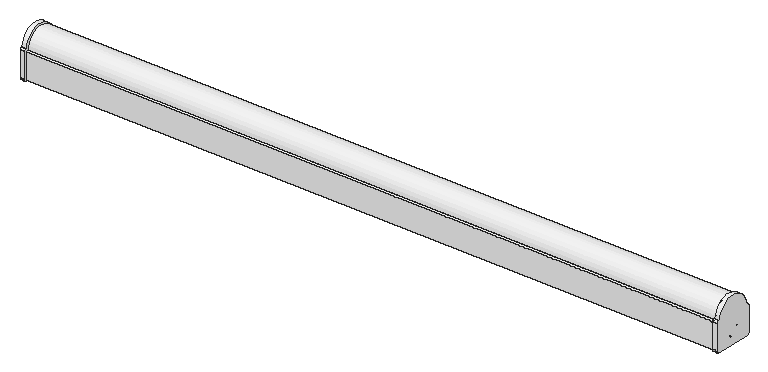
Revit family "0045184 Feilo Sylvania Lighting Fixture SYLBATTEN LED3 6000K TP3", category Lighting Fixtures, host Face, Revit 2017
Family settings
  Host = Face
  Round Connector Dimension = Use Diameter
  Part Type = Normal
  OmniClass Number = 23.80.70.00
  OmniClass Title = Lighting
  Cut with Voids When Loaded = No
  Light Source = Yes
  Shared = No
  Room Calculation Point = No
Parameters (values of type "0045184 SYLBATTEN LED3 6000K TP3")
  Width_FEILO = 66 mm
  Weight = "2.55 kg"
  Wattage Comments = "n/a"
  Wattage = 26 W
  WarrantyStartDate [instance] = "n/a"
  WarrantyGuarantorParts = "n/a"
  WarrantyDurationUnit = "n/a"
  WarrantyDurationParts = "n/a"
  WarrantyDescription = "n/a"
  built-in parameter 1150110 = 1 (stored number, unit not read)
  Voltage = 230 V
  URL = "http://www.sylvania-lighting.com"
  TypeName = "SYLBATTEN LED3 6000K TP3"
  Type Image = <None>
  Type Comments = "n/a"
  built-in parameter 1114217 = 1 (stored number, unit not read)
  Tilt Angle = -90.00°
  built-in parameter 1150109 = 1 (stored number, unit not read)
  built-in parameter 1150134 = 5
  SymReflector_FEILO = no
  built-in parameter 1150113 = 1 (stored number, unit not read)
  SerialNumber [instance] = "n/a"
  PowerFactor = 0
  PowerConsumption = "26 W"
  Photometric Web File = "0045184.ies"
  NominalLength = 1205 mm
  NominalHeight = 76 mm
  NominalDepth = 66 mm
  Name = "SYLBATTEN LED3 6000K TP3"
  ModelReference = Name  # "SYLBATTEN LED3 6000K TP3"
  ModelNumber = "0045184"
  Model = Name  # "SYLBATTEN LED3 6000K TP3"
  Material_4_FEILO = Reflector-Sylvania-Sylbatten-White
  Material_3_FEILO = Diffuser-Sylvania-Sylbatten-Glow
  Material_2_FEILO = Body-Sylvania-Sylbatten-White
  Material_1_FEILO = Body-Sylvania-Sylbatten-White
  Material = "sheet steel housing, polycarbonate diffuser"
  ManufacturerName = "Feilo Sylvania"
  Manufacturer = "Feilo Sylvania"
  LuminousEfficacy = "113 lm/W"
  built-in parameter 1150105 = 233.8 (stored number, unit not read)
  Lumens = 2938 lm
  LuminaireType = ""
  built-in parameter 1150115 = 1 (stored number, unit not read)
  LightOutputRatio = "100"
  built-in parameter 1150137 = (empty or 0)
  built-in parameter 1150139 = (empty or 0)
  Length_FEILO = 1205 mm
  LampsType = Lamp  # "LED"
  LampNominalLuminous = "2938 lm"
  LampMacAdamStep = "n/a"
  LampColourTemperature = "6000 K"
  LampColourRenderingIndex = "80"
  built-in parameter 1150112 = 1 (stored number, unit not read)
  built-in parameter 1150114 = 1 (stored number, unit not read)
  Lamp = "LED"
  Keynote = "16500"
  InstallationDate [instance] = "n/a"
  InputVoltage = "220-240V~"
  InputNominalFrequency = "n/a"
  built-in parameter 1150132 = (empty or 0)
  built-in parameter 1150102 = (empty or 0)
  built-in parameter 1150107 = 6000 (stored number, unit not read)
  built-in parameter 1150138 = (empty or 0)
  IngressProtection = "IP20"
  ImpactProtectionIndex = "IK07"
  built-in parameter 1150106 = 2.338 (stored number, unit not read)
  IfcExportType = "IfcLightFixtureType"
  IfcExportAs = "IfcLightFixtureType"
  Height_FEILO = 76 mm
  ExpectedLife = 50000
  Emit from Rectangle Width = Length_FEILO - 16 mm  # 1189 mm
  Emit from Rectangle Length = Width_FEILO - 40 mm  # 26 mm
  Emit Shape Visible in Rendering = no
  ElectricShockClassification = "Class I"
  built-in parameter 1150104 = 10.498 (stored number, unit not read)
  DurationUnit = "hours"
  DocumentationLiterature = "http://www.sylvania-lighting.com/product/en-int/products/0045184"
  DimmingControlOptions = "n/a"
  Dimming Lamp Color Temperature Shift = <None>
  Description = "LED batten, T8 replacement, ease of installation through 2 part push-in design of the housing (safety cable included), through wiring capability (TP3 = 3 core), sheet steel, 2938LM, 26W, 113lm/W, 6000K, drive current: 350mA, CRI 80, 138° wide beam angle, electronic driver (non dimmable), IP20, IK07, 50,000 hrs (L70), (LxWxH) 1205x66x76mm, 5 step MacAdam ellipse, 3kg, white RAL 9016, Class 1, 220-240V, energy class: A++, A+, A."
  Default Elevation = 1219.2 mm
  CreatedOn = "1/25/2018"
  CreatedBy = ""
  Cost = 0
  Color Filter = 16777215
  built-in parameter 1114216 [instance] = (empty or 0)
  ClassificationValue = "EF_70_80"
  ClassificationName = "Uniclass2015"
  CapOffset_FEILO = 2 mm
  BarCode [instance] = "n/a"
  built-in parameter 1114218 = 1 (stored number, unit not read)
  BackReflector_FEILO = and(not(AsymReflector_FEILO), SymReflector_FEILO)  # no
  built-in parameter 1150133 = 10 (stored number, unit not read)
  FrontReflector_FEILO = or(AsymReflector_FEILO, SymReflector_FEILO)  # no
  AsymReflector_FEILO = no
  AssetType = "Fixed"
  AssetIdentifier [instance] = "n/a"
  Assembly Code = "D5020200"
  Apparent Load = 26 VA
Reference planes
  plane 1 "Center (Front/Back)": y = 0
  plane 2: z = 0
  plane 3 "Center (Left/Right)": x = 0
  plane 4: x = 602.5
  plane 5: x = -602.5
  plane 6: y = 33
  plane 7: y = -33
  plane 8: z = 76
  plane 9: z = 47
  plane 10: y = -29
  plane 11: y = 29
  plane 12: z = 20
  plane 13: z = 74
  plane 14: y = -31
  plane 15: y = -27
  plane 16: y = 27
  plane 17: y = 31
  plane 18: z = 2
  plane 19: x = -594.5
  plane 20: x = 594.5
  plane 21: z = 49
  plane 22: y = 1
  plane 23: y = -1
  plane 24: z = 21
  plane 25: z = 19
  plane 26: y = -61
  plane 27: y = 61
  plane 28: y = -56
  plane 29: y = 56
  plane 30: z = 91
  plane 31: z = 88
Forms (mm)
  Extrusion 1, solid, material "Body-Sylvania-Sylbatten-White" <- "Material_2_FEILO"
    sketch origin (0, 0, 0) x (0, 1, 0) y (0, 0, 1)
      loop
        line (-31, 2) -> (31, 2) -> (31, 45)
        arc (31, 45) -> (30.414, 46.414) -> (29, 47) r 2
        line (29, 47) -> (27, 47)
        arc (27, 47) -> (0, 74) -> (-27, 47) r 27
        line (-27, 47) -> (-29, 47)
        arc (-29, 47) -> (-30.414, 46.414) -> (-31, 45) r 2
        line (-31, 45) -> (-31, 2)
    from -594.5 to 594.5
  Extrusion 2, solid, material "Body-Sylvania-Sylbatten-White" <- "Material_2_FEILO"
    sketch origin (602.5, 1524, 1219.2) x (0, 1, 0) y (0, 0, 1)
      loop
        arc (-1494, -1219.2) -> (-1491.879, -1218.321) -> (-1491, -1216.2) r 3
        line (-1491, -1216.2) -> (-1491, -1173.2)
        arc (-1491, -1173.2) -> (-1491.879, -1171.079) -> (-1494, -1170.2) r 3
        line (-1494, -1170.2) -> (-1495.069, -1170.2)
        arc (-1495.069, -1170.2) -> (-1524, -1143.2) -> (-1552.931, -1170.2) r 29
        line (-1552.931, -1170.2) -> (-1554, -1170.2)
        arc (-1554, -1170.2) -> (-1556.121, -1171.079) -> (-1557, -1173.2) r 3
        line (-1557, -1173.2) -> (-1557, -1216.2)
        arc (-1557, -1216.2) -> (-1556.121, -1218.321) -> (-1554, -1219.2) r 3
        line (-1554, -1219.2) -> (-1494, -1219.2)
      loop
        arc (-1525, -1189.25) -> (-1531.071, -1192.129) -> (-1533.95, -1198.2) r 10
        line (-1533.95, -1198.2) -> (-1532.944, -1198.2)
        arc (-1532.944, -1198.2) -> (-1530.364, -1192.836) -> (-1525, -1190.256) r 9
        line (-1525, -1190.256) -> (-1525, -1189.25)
      loop
        arc (-1523, -1190.256) -> (-1517.636, -1192.836) -> (-1515.056, -1198.2) r 9
        line (-1515.056, -1198.2) -> (-1514.05, -1198.2)
        arc (-1514.05, -1198.2) -> (-1516.929, -1192.129) -> (-1523, -1189.25) r 10
        line (-1523, -1189.25) -> (-1523, -1190.256)
      loop
        line (-1532.944, -1200.2) -> (-1533.95, -1200.2)
        arc (-1533.95, -1200.2) -> (-1531.071, -1206.271) -> (-1525, -1209.15) r 10
        line (-1525, -1209.15) -> (-1525, -1208.144)
        arc (-1525, -1208.144) -> (-1530.364, -1205.564) -> (-1532.944, -1200.2) r 9
      loop
        arc (-1515.056, -1200.2) -> (-1517.636, -1205.564) -> (-1523, -1208.144) r 9
        line (-1523, -1208.144) -> (-1523, -1209.15)
        arc (-1523, -1209.15) -> (-1516.929, -1206.271) -> (-1514.05, -1200.2) r 10
        line (-1514.05, -1200.2) -> (-1515.056, -1200.2)
    from 0 to -8
  Extrusion 3, solid, material "Body-Sylvania-Sylbatten-White" <- "Material_2_FEILO"
    sketch origin (-602.5, 1524, 1219.2) x (0, 1, 0) y (0, 0, 1)
      loop
        arc (-1495.069, -1170.2) -> (-1524, -1143.2) -> (-1552.931, -1170.2) r 29
        line (-1552.931, -1170.2) -> (-1554, -1170.2)
        arc (-1554, -1170.2) -> (-1556.121, -1171.079) -> (-1557, -1173.2) r 3
        line (-1557, -1173.2) -> (-1557, -1216.2)
        arc (-1557, -1216.2) -> (-1556.121, -1218.321) -> (-1554, -1219.2) r 3
        line (-1554, -1219.2) -> (-1494, -1219.2)
        arc (-1494, -1219.2) -> (-1491.879, -1218.321) -> (-1491, -1216.2) r 3
        line (-1491, -1216.2) -> (-1491, -1173.2)
        arc (-1491, -1173.2) -> (-1491.879, -1171.079) -> (-1494, -1170.2) r 3
        line (-1494, -1170.2) -> (-1495.069, -1170.2)
      loop
        line (-1533.95, -1198.2) -> (-1532.944, -1198.2)
        arc (-1532.944, -1198.2) -> (-1530.364, -1192.836) -> (-1525, -1190.256) r 9
        line (-1525, -1190.256) -> (-1525, -1189.25)
        arc (-1525, -1189.25) -> (-1531.071, -1192.129) -> (-1533.95, -1198.2) r 10
      loop
        line (-1523, -1189.25) -> (-1523, -1190.256)
        arc (-1523, -1190.256) -> (-1517.636, -1192.836) -> (-1515.056, -1198.2) r 9
        line (-1515.056, -1198.2) -> (-1514.05, -1198.2)
        arc (-1514.05, -1198.2) -> (-1516.929, -1192.129) -> (-1523, -1189.25) r 10
      loop
        line (-1514.05, -1200.2) -> (-1515.056, -1200.2)
        arc (-1515.056, -1200.2) -> (-1517.636, -1205.564) -> (-1523, -1208.144) r 9
        line (-1523, -1208.144) -> (-1523, -1209.15)
        arc (-1523, -1209.15) -> (-1516.929, -1206.271) -> (-1514.05, -1200.2) r 10
      loop
        line (-1525, -1209.15) -> (-1525, -1208.144)
        arc (-1525, -1208.144) -> (-1530.364, -1205.564) -> (-1532.944, -1200.2) r 9
        line (-1532.944, -1200.2) -> (-1533.95, -1200.2)
        arc (-1533.95, -1200.2) -> (-1531.071, -1206.271) -> (-1525, -1209.15) r 10
    from 0 to 8
  Extrusion 4, solid, material "Reflector-Sylvania-Sylbatten-White" <- "Material_4_FEILO", visible <- "FrontReflector_FEILO"
    sketch origin (0, 0, 0) x (0, 1, 0) y (0, 0, 1)
      loop
        line (-61.257, 88.429) -> (-60.743, 87.571) -> (-56.621, 90.044)
        arc (-56.621, 90.044) -> (-56.237, 90.099) -> (-55.929, 89.863) r 0.5
        line (-55.929, 89.863) -> (-31.435, 46.753) -> (-30.565, 47.247) -> (-55.312, 90.802)
        arc (-55.312, 90.802) -> (-55.928, 91.275) -> (-56.696, 91.165) r 1
        line (-56.696, 91.165) -> (-61.257, 88.429)
    from -594.5 to 594.5
  Extrusion 5, solid, material "Reflector-Sylvania-Sylbatten-White" <- "Material_4_FEILO", visible <- "BackReflector_FEILO"
    sketch origin (0, 0, 0) x (0, 1, 0) y (0, 0, 1)
      loop
        line (30.565, 47.247) -> (31.435, 46.753) -> (55.932, 89.868)
        arc (55.932, 89.868) -> (56.245, 90.112) -> (56.638, 90.062) r 0.518
        line (56.638, 90.062) -> (61.033, 87.565) -> (61.527, 88.435) -> (56.682, 91.188)
        arc (56.682, 91.188) -> (55.922, 91.282) -> (55.318, 90.812) r 1
        line (55.318, 90.812) -> (30.565, 47.247)
    from -594.5 to 594.5
Lines and regions (mm)
  reference lines
    curve 1: line (0, -61, 88) -> (0, -56, 91)
    curve 2: line (0, -56, 91) -> (0, -31, 47)
    curve 3: line (0, 31, 47) -> (0, 56, 91)
    curve 4: line (0, 56, 91) -> (0, 61.28, 88)
Dimensions and locks
  equal spacing: plane 5, plane 3 "Center (Left/Right)", plane 4
  equal spacing: plane 7, plane 1 "Center (Front/Back)", plane 6
  "Width_FEILO": plane 7 to plane 6
  "Length_FEILO": plane 5 to plane 4
  "Height_FEILO": plane 8 to plane 2
  locked: plane 9 to plane 8 at 29
  equal spacing: plane 10, plane 1 "Center (Front/Back)", plane 11
  locked: plane 7 to plane 10 at 4
  locked: plane 12 to plane 2 at 20
  "CapOffset_FEILO": plane 13 to plane 8
  "CapOffset_FEILO": plane 7 to plane 14
  "CapOffset_FEILO": plane 10 to plane 15
  "CapOffset_FEILO": plane 17 to plane 6
  "CapOffset_FEILO": plane 16 to plane 11
  "CapOffset_FEILO": plane 18 to plane 2
  locked: plane 14 to Extrusion 1 sketch curve at 2
  locked: Extrusion 1 sketch curve to plane 9 at 2  (x2)
  locked: plane 16 to Extrusion 1 sketch curve at 2
  equal spacing: plane 19, plane 3 "Center (Left/Right)", plane 20
  locked: plane 5 to plane 19 at 8
  "CapOffset_FEILO": plane 9 to plane 21
  locked: Extrusion 2 sketch curve to plane 2 at 47
  locked: Extrusion 1 sketch curve to plane 2 at 47
  locked: Extrusion 2 sketch curve to plane 2 at 3  (x2)
  locked: plane 7 to Extrusion 2 sketch curve at 3  (x2)
  locked: Extrusion 2 sketch curve to plane 6 at 3  (x2)
  locked: Extrusion 2 sketch curve to plane 21 at 3  (x2)
  equal spacing: plane 23, plane 1 "Center (Front/Back)", plane 22
  equal spacing: plane 25, plane 12, plane 24
  plane 30 to plane 31 to plane 2 = 3 mm locked, 88 mm locked
  plane 28 to plane 29 = 112 mm
  plane 26 to plane 27 = 122 mm
  aligned and locked: plane 2 to host face
  aligned and locked: level to host face
  aligned and locked: plane 18 to Extrusion 1 sketch curve
  aligned and locked: plane 14 to Extrusion 1 sketch curve
  aligned and locked: Extrusion 1 sketch curve to plane 9  (x2)
  aligned and locked: Extrusion 1 sketch curve to plane 17
  aligned and locked: plane 15 to Extrusion 1 sketch curve
  aligned and locked: plane 16 to Extrusion 1 sketch curve
  aligned and locked: plane 9 to Extrusion 1 sketch curve
  aligned and locked: plane 20 to Extrusion 1
  aligned and locked: level to Extrusion 2 sketch curve
  aligned and locked: Extrusion 2 sketch curve to plane 7
  aligned and locked: plane 21 to Extrusion 2 sketch curve
  aligned and locked: Extrusion 2 sketch curve to plane 21
  aligned and locked: plane 1 "Center (Front/Back)" to Extrusion 2 sketch curve  (x3)
  aligned and locked: Extrusion 2 to Extrusion 1
  aligned and locked: plane 4 to Extrusion 2
  aligned and locked: plane 12 to Extrusion 2 sketch curve  (x2)
  aligned and locked: Extrusion 2 sketch curve to plane 22
  aligned and locked: Extrusion 2 sketch curve to plane 23
  aligned and locked: Extrusion 2 sketch curve to plane 24
  aligned and locked: Extrusion 2 sketch curve to plane 25
  aligned and locked: plane 25 to Extrusion 2 sketch curve
  aligned and locked: plane 22 to Extrusion 2 sketch curve
  aligned and locked: plane 24 to Extrusion 2 sketch curve
  aligned and locked: plane 23 to Extrusion 2 sketch curve  (x2)
  aligned and locked: Extrusion 3 sketch curve to Extrusion 2  (x22)
  aligned and locked: Extrusion 3 to Extrusion 1
  aligned and locked: Extrusion 3 to plane 5
  aligned and locked: plane 19 to Extrusion 3
  aligned and locked: plane 31 to curve 1
  aligned and locked: plane 30 to curve 1
  aligned and locked: plane 14 to curve 2
  aligned and locked: plane 9 to curve 2
  aligned and locked: plane 17 to curve 3
  aligned and locked: plane 30 to curve 3
  aligned and locked: plane 31 to curve 4
  aligned and locked: Extrusion 4 sketch curve to curve 2
  aligned and locked: Extrusion 4 sketch curve to curve 1
  aligned and locked: Extrusion 4 to Extrusion 1
  aligned and locked: Extrusion 1 to Extrusion 4
  aligned and locked: imposter light to plane 1 "Center (Front/Back)"
  aligned and locked: imposter light to plane 3 "Center (Left/Right)"
  aligned and locked: imposter light to plane 13
  aligned and locked: Extrusion 5 sketch curve to curve 4
  aligned and locked: Extrusion 5 sketch curve to curve 3
  aligned and locked: Extrusion 1 to Extrusion 5
  aligned and locked: Extrusion 5 to Extrusion 1
Automatic sketch dimensions
  host sketch curve to host sketch curve = 2438.4 mm  (x2)
  Extrusion 2 sketch curve to Extrusion 2 sketch curve = 0 mm  (x14)
  Extrusion 2 sketch curve to plane 10 = 0.069 mm
  plane 23 to Extrusion 2 sketch curve = 8.95 mm
  Extrusion 2 sketch curve to Extrusion 2 sketch curve = 1.006 mm  (x4)
  Extrusion 2 sketch curve to plane 22 = 7.944 mm
  curve 1 to plane 26 = 0 mm
  curve 2 to plane 28 = 0 mm
  curve 4 to plane 29 = 0 mm
  plane 9 to curve 3 = 0 mm
  plane 26 to Extrusion 4 sketch curve = 0.257 mm
  Extrusion 4 sketch curve to plane 26 = 0.257 mm
  Extrusion 4 sketch curve to plane 30 = 0.165 mm
  plane 28 to Extrusion 4 sketch curve = 0.696 mm
  plane 28 to Extrusion 4 sketch curve = 0.621 mm
  plane 28 to Extrusion 4 sketch curve = 0.364 mm
  plane 28 to Extrusion 4 sketch curve = 0.182 mm
  Extrusion 4 sketch curve to plane 28 = 0.071 mm
  plane 30 to Extrusion 4 sketch curve = 0.198 mm
  Extrusion 4 sketch curve to plane 28 = 0.688 mm
  plane 9 to Extrusion 4 sketch curve = 0.247 mm
  plane 1 "Center (Front/Back)" to Extrusion 4 sketch curve = 31.435 mm
  Extrusion 5 sketch curve to plane 9 = 0.247 mm
  Extrusion 5 sketch curve to plane 1 "Center (Front/Back)" = 30.565 mm
  plane 9 to Extrusion 5 sketch curve = 0.247 mm
  plane 30 to Extrusion 5 sketch curve = 0.188 mm
  plane 29 to Extrusion 5 sketch curve = 0.068 mm
  Extrusion 5 sketch curve to plane 29 = 0.188 mm
  Extrusion 5 sketch curve to plane 29 = 0.382 mm
  Extrusion 5 sketch curve to Extrusion 5 sketch curve = 0.256 mm
  Extrusion 5 sketch curve to plane 30 = 0.188 mm
  Extrusion 5 sketch curve to plane 29 = 0.682 mm
  Extrusion 5 sketch curve to plane 27 = 0.033 mm
  Extrusion 5 sketch curve to plane 27 = 0.527 mm
Connectors
  electrical at (0, 0, 0), driven by "Apparent Load", driven by "PowerFactor", driven by "Voltage"
    settings: index 1, voltage 230 V, apparent load 26 VA, apparent load phase1 0 VA, apparent load phase2 0 VA, apparent load phase3 0 VA, power factor 0, load classification "Lighting", number of poles 1, system type 30, power factor state 1, is connector primary yes, connector utility no, sub classification motor no, connector description ""
